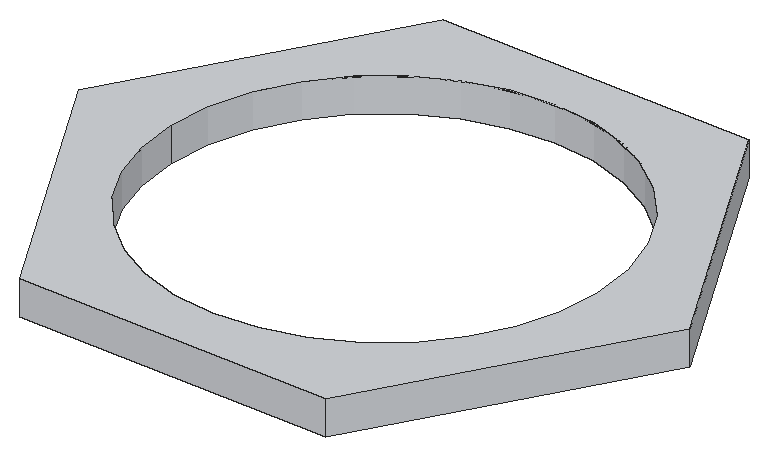
Revit family "LN5G", category Generic Models, Revit 2017
Family settings
  Can host rebar = No
  Round Connector Dimension = Use Diameter
  Part Type = Normal
  Work Plane-Based = Yes
  Always vertical = No
  Cut with Voids When Loaded = No
  Shared = No
  Room Calculation Point = No
Parameters (values of type "NBS Standard Parameters")
  Weight = "0.0524Kg"
  WarrantyStartDate [instance] = "1900-12-31T23:59:59"
  WarrantyGuarantorParts = "n/a"
  WarrantyGuarantorLabor = "n/a"
  WarrantyDurationUnit = "1 year"
  WarrantyDurationParts = "n/a"
  WarrantyDurationLabor = "n/a"
  WarrantyDescription = "n/a"
  Version = "1"
  Uniclass2 = "Pr_65_70_11_20"
  TagNumber [instance] = "n/a"
  SustainabilityPerformance = "n/a"
  Size = "2\""
  Shape = "Hexagon"
  SerialNumber [instance] = "n/a"
  Revision = "n/a"
  ReplacementCost = "n/a"
  ProductInformation = "www.metpro.co.uk/pdf/ln5g.pdf"
  NominalWidth = 62 mm
  NominalLength = 62 mm
  NominalHeight = 4 mm
  Name = ""
  NBSTypeID = ""
  NBSReference = "90-55-10/460"
  NBSOfficeMasterTag = ""
  NBSNote = ""
  NBSDescription = "Conduit Fittings"
  NBSCertification = ""
  ModelReference = "LN5G"
  ModelNumber = "n/a"
  Material = "Steel"
  ManufacturerURL = "www.metpro.co.uk"
  ManufacturerName = "Metpro Ltd"
  Keynote = "Compliant to LU Standard 1-085"
  InstallationDate [instance] = "1900-12-31T23:59:59"
  IfcExportType = ""
  IfcExportAs = ""
  Grade = "n/a"
  Finish = "BZP"
  Features = "n/a"
  ExpectedLife = "n/a"
  DurationUnit = "year"
  Description = "LN5G   2\" Lock Nut- Light Pattern"
  Default Elevation = 1219.2 mm
  Constituents = "n/a"
  Color = "n/a"
  CodePerformance = "n/a"
  Category = "n/a"
  BarCode [instance] = "n/a"
  BIMObjectName = "Metpro_Metprolibrary_Conduitfittings_Metalcomponent_Steelaccessories"
  Author = "Metpro Ltd"
  AssetType = ""
  AssetIdentifier [instance] = "n/a"
  AccessibilityPerformance = "n/a"
Reference planes
  plane 1 "Center (Front/Back)": y = 0
  plane 2: z = 0
  plane 3 "Center (Left/Right)": x = 0
Forms (mm)
  Extrusion 1, solid
    sketch origin (0, 0, 0) x (1, 0, 0) y (0, 1, 0)
      loop
        circle (10.04, 13.158) r 25
      loop
        line (-7.823, 44.098) -> (-25.686, 13.158) -> (-7.823, -17.782) -> (27.903, -17.782) -> (45.766, 13.158) -> (27.903, 44.098) -> (-7.823, 44.098)
    from 0 to 4
Dimensions and locks
  aligned and locked: level to plane 2
